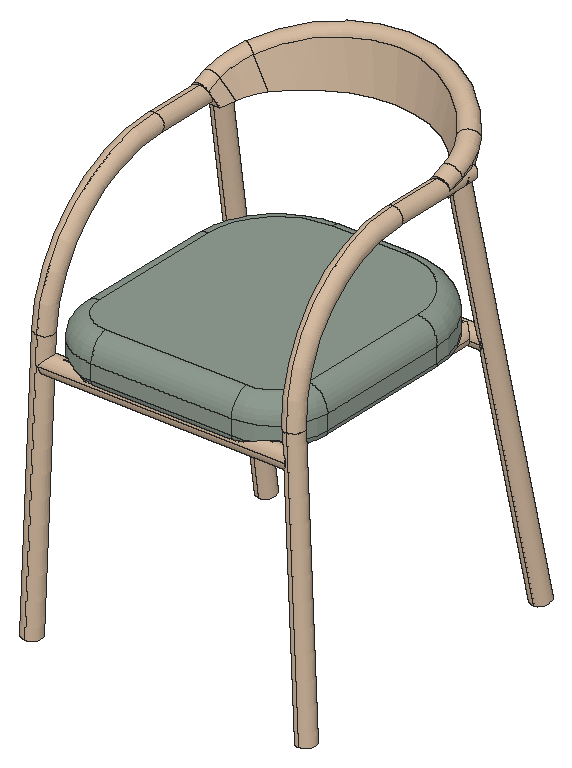
Revit family "FU_Chair_Sandler_Modena 2-1", category Furniture, Revit 2022
Family settings
  OmniClass Number = 23.40.20.00
  OmniClass Title = General Furniture and Specialties
  Work Plane-Based = No
  Always vertical = Yes
  Cut with Voids When Loaded = No
  Render Appearance Source = Family Geometry
  Shared = No
  Room Calculation Point = No
Parameters (values of type "Modena 2.1")
  Width = 470 mm
  URL = "https://www.sandlerseating.com/product/modena-2-1/"
  Seat [instance] = Fabric - Mainline Flax - Bayswater MLF24
  Model = "Modena 2.1"
  Manufacturer = "Sandler"
  Height = 740 mm
  Frame [instance] = Ash - Oak Stain
  Description = "Armchair with wooden frame and upholstered seat"
  Depth = 500 mm
  Default Elevation = 0 mm
Reference planes
  plane 1 "Center (Front/Back)": y = 0
  plane 2: z = 0
  plane 3 "Center (Left/Right)": x = 0
  plane 4 "Right": x = -235
  plane 5 "Left": x = 235
  plane 6 "Back": y = 250
  plane 7 "Front": y = -250
  plane 8 "Height": z = 740
  plane 9 "Seat Height": z = 470
  plane 10 "Arm height": z = 655
  plane 11 "Leg Right Front": through (-220.331, -1524, -0.019) normal (-0.999, 0, 0.0436)
  plane 12: through (4267.2, 235, 5) normal (0, -0.9809, -0.1945)
  plane 13 "back RIGHT": through (4267.2, 62.598, 655) normal (0, -0.3503, 0.9366)
  plane 14 "seat frame RIGHT": z = 400
Forms (mm)
  Sweep 1, solid, material "Ash - Oak Stain" <- "Frame"
    path origin (-219.911, 0, 9.602) x (-0.043619, 0, -0.999048) y (0, -1, 0)
      loop
        line (9.405, 235) -> (-436.011, 235)
        arc (-436.011, 235) -> (-584.504, 173.492) -> (-646.011, 25) r 210
        line (-646.011, 25) -> (-646.011, -125)
    profile origin (-210.606, -235, 222.702) x (0, 1, 0) y (-0.999048, 0, 0.043619)
      loop
        circle (0, 0) r 15
  Sweep 2, solid, material "Ash - Oak Stain" <- "Frame"
    path origin (-219.911, 0, 9.602) x (-0.043619, 0, -0.999048) y (0, -1, 0)
      loop
        line (9.464, -235.679) -> (-646.195, -105.563)
    profile origin (-206.024, 170.621, 327.664) x (0.008491, 0.980872, 0.19447) y (-0.999048, 0, 0.043619)
      loop
        circle (0, 0) r 15
  Sweep 3, solid, material "Ash - Oak Stain" <- "Frame"
    path origin (219.911, 0, 9.602) x (0.043619, 0, -0.999048) y (0, 1, 0)
      loop
        line (9.464, 235.679) -> (-646.195, 105.563)
    profile origin (206.024, 170.621, 327.664) x (0.008491, -0.980872, -0.19447) y (0.999048, 0, 0.043619)
      loop
        circle (0, 0) r 15
  Sweep 4, solid, material "Ash - Oak Stain" <- "Frame"
    path origin (0, -207.229, 554.084) x (0, -0.936636, -0.350305) y (1, 0, 0)
      loop
        line (-295.804, -191.878) -> (-320.527, -191.878)
        arc (-320.527, -191.878) -> (-350.832, -187.621) -> (-378.792, -175.18) r 110
        arc (-378.792, -175.18) -> (-475.928, 0) -> (-378.792, 175.18) r 206.531
        arc (-378.792, 175.18) -> (-350.832, 187.621) -> (-320.527, 191.878) r 110
        line (-320.527, 191.878) -> (-295.804, 191.878)
    profile origin (0, 238.542, 720.804) x (0, 0.936636, 0.350305) y (0, -0.350305, 0.936636)
      loop
        arc (14.05, -5.255) -> (5.981, 13.756) -> (-13.424, 6.692) r 15
        line (-13.424, 6.692) -> (-46.442, -69.239) -> (-18.65, -79.633) -> (14.05, -5.255)
  Extrusion 5, void
    sketch origin (0, 0, 0) x (0, 1, 0) y (0, 0, 1)
      loop
        line (0, 640.472) -> (0, 550.472) -> (295, 550.472) -> (295, 640.472) -> (0, 640.472)
    from -235 to 235
  Sweep 6, solid, material "Ash - Oak Stain" <- "Frame"
    path origin (219.911, 0, 9.602) x (0.043619, 0, -0.999048) y (0, 1, 0)
      loop
        line (9.405, -235) -> (-436.011, -235)
        arc (-436.011, -235) -> (-584.504, -173.492) -> (-646.011, -25) r 210
        line (-646.011, -25) -> (-646.011, 125)
    profile origin (210.606, -235, 222.702) x (0, -1, 0) y (0.999048, 0, 0.043619)
      loop
        circle (0, 0) r 15
  Extrusion 7, solid, material "Ash - Oak Stain" <- "Frame"
    sketch origin (0, 0, 0) x (0, 1, 0) y (0, 0, 1)
      loop
        circle (-235, 400) r 15
    from -198 to 198
  Extrusion 8, solid, material "Ash - Oak Stain" <- "Frame"
    sketch origin (0, 0, 0) x (0, 1, 0) y (0, 0, 1)
      loop
        circle (156.218, 400) r 15
    from -198 to 198
  Extrusion 9, solid, material "Ash - Oak Stain" <- "Frame"
    sketch origin (0, 0, 0) x (1, 0, 0) y (0, 0, 1)
      loop
        circle (-165, 400) r 15
      loop
        circle (165, 400) r 15
    from -154.736 to 235.805
  Extrusion 10, solid, material "Fabric - Mainline Flax - Bayswater MLF24" <- "Seat"
    sketch origin (0, 0, 400) x (0, -1, 0) y (1, 0, 0)
      loop
        line (220, -113) -> (220, 113)
        arc (220, 113) -> (203.891, 151.891) -> (165, 168) r 55
        line (165, 168) -> (-54.973, 168)
        arc (-54.973, 168) -> (-132.755, 135.782) -> (-164.973, 58) r 110
        line (-164.973, 58) -> (-164.973, -58)
        arc (-164.973, -58) -> (-132.755, -135.782) -> (-54.973, -168) r 110
        line (-54.973, -168) -> (165, -168)
        arc (165, -168) -> (203.891, -151.891) -> (220, -113) r 55
    from 0 to 70
  Sweep 11, solid, material "Fabric - Mainline Flax - Bayswater MLF24" <- "Seat"
    path in 3D
      loop
        arc (113, -220, 470) -> (151.891, -203.891, 470) -> (168, -165, 470) r 55
        line (168, -165, 470) -> (168, 54.973, 470)
        arc (168, 54.973, 470) -> (135.782, 132.755, 470) -> (58, 164.973, 470) r 110
        line (58, 164.973, 470) -> (-58, 164.973, 470)
        arc (-58, 164.973, 470) -> (-135.782, 132.755, 470) -> (-168, 54.973, 470) r 110
        line (-168, 54.973, 470) -> (-168, -165, 470)
        arc (-168, -165, 470) -> (-151.891, -203.891, 470) -> (-113, -220, 470) r 55
        line (-113, -220, 470) -> (113, -220, 470)
    profile origin (0, -220, 470) x (0, 1, 0) y (0, 0, 1)
      loop
        spline (0, 0) -> (-3.916, -0.299) -> (-7.765, -1.193) -> (-11.481, -2.664) -> (-15, -4.689) -> (-18.263, -7.233) -> (-21.213, -10.251) -> (-23.801, -13.693) -> (-25.981, -17.5) -> (-27.716, -21.606) -> (-28.978, -25.941) -> (-29.743, -30.432) -> (-30, -35)
        line (-30, -35) -> (-30, -60)
        arc (-30, -60) -> (-27.071, -67.071) -> (-20, -70) r 10
        line (-20, -70) -> (0, -70) -> (0, 0)
Cuts and joins
  Extrusion 5 cuts Sweep 4
  joined: Extrusion 10, Sweep 11
Lines and regions (mm)
  sketch lines
    curve 1: line (-113, -220, 470) -> (113, -220, 470)
    curve 2: arc (-113, -220, 470) -> (-151.891, -203.891, 470) -> (-168, -165, 470) r 55
    curve 3: line (-168, 54.973, 470) -> (-168, -165, 470)
    curve 4: arc (-168, 54.973, 470) -> (-135.782, 132.755, 470) -> (-58, 164.973, 470) r 110
    curve 5: line (58, 164.973, 470) -> (-58, 164.973, 470)
    curve 6: arc (58, 164.973, 470) -> (135.782, 132.755, 470) -> (168, 54.973, 470) r 110
    curve 7: line (168, -165, 470) -> (168, 54.973, 470)
    curve 8: arc (168, -165, 470) -> (151.891, -203.891, 470) -> (113, -220, 470) r 55
Dimensions and locks
  equal spacing: plane 6 "Back", plane 1 "Center (Front/Back)", plane 7 "Front"
  "Depth": plane 6 "Back" to plane 7 "Front"
  equal spacing: plane 4 "Right", plane 3 "Center (Left/Right)", plane 5 "Left"
  "Width": plane 4 "Right" to plane 5 "Left"
  "Height": plane 8 "Height" to level
  level to plane 10 "Arm height" to plane 8 "Height" = 655 mm, 85 mm
  aligned and locked: level to plane 2
Automatic sketch dimensions
  plane 1 "Center (Front/Back)" to Sweep 1 sketch curve = 25 mm
  Sweep 1 sketch curve to Sweep 1 sketch curve = 210 mm
  Sweep 1 sketch curve to Sweep 1 sketch curve = 445.416 mm
  Sweep 1 sketch curve to plane 1 "Center (Front/Back)" = 125 mm
  Sweep 1 sketch curve to plane 11 "Leg Right Front" = 0 mm
  profile plane to Sweep 1 sketch curve = 0 mm
  Sweep 2 sketch curve to plane 11 "Leg Right Front" = 0 mm
  profile plane to Sweep 2 sketch curve = 0 mm
  Sweep 3 sketch curve to profile plane = 0 mm  (x2)
  Sweep 4 sketch curve to plane 3 "Center (Left/Right)" = 0 mm
  plane 4 "Right" to Sweep 4 sketch curve = 43.122 mm
  Sweep 4 sketch curve to plane 5 "Left" = 43.122 mm
  Sweep 4 sketch curve to Sweep 4 sketch curve = 0 mm  (x2)
  Sweep 4 sketch curve to Sweep 4 sketch curve = 51.131 mm
  Sweep 4 sketch curve to plane 3 "Center (Left/Right)" = 81.878 mm
  plane 3 "Center (Left/Right)" to Sweep 4 sketch curve = 81.878 mm
  Sweep 4 sketch curve to Sweep 4 sketch curve = 24.723 mm  (x2)
  Sweep 4 sketch curve to plane 13 "back RIGHT" = 0 mm
  profile plane to Sweep 4 sketch curve = 0 mm
  plane 13 "back RIGHT" to Sweep 4 sketch curve = 6.692 mm
  profile plane to Sweep 4 sketch curve = 13.424 mm
  profile plane to Sweep 4 sketch curve = 18.65 mm
  Sweep 4 sketch curve to Sweep 4 sketch curve = 27.792 mm
  Sweep 4 sketch curve to plane 13 "back RIGHT" = 5.255 mm
  Sweep 4 sketch curve to plane 13 "back RIGHT" = 69.239 mm
  Sweep 4 sketch curve to Sweep 4 sketch curve = 10.394 mm
  Extrusion 5 sketch curve to plane 1 "Center (Front/Back)" = 0 mm
  plane 6 "Back" to Extrusion 5 sketch curve = 45 mm
  plane 9 "Seat Height" to Extrusion 5 sketch curve = 80.472 mm
  Extrusion 5 sketch curve to plane 10 "Arm height" = 14.528 mm
  plane 1 "Center (Front/Back)" to Sweep 6 sketch curve = 25 mm
  Sweep 6 sketch curve to Sweep 6 sketch curve = 210 mm
  Sweep 6 sketch curve to Sweep 6 sketch curve = 445.416 mm
  Sweep 6 sketch curve to plane 1 "Center (Front/Back)" = 125 mm
  Sweep 6 sketch curve to profile plane = 0 mm  (x2)
  Sweep 2 sketch curve to plane 1 "Center (Front/Back)" = 105.563 mm
  Sweep 2 sketch curve to plane 6 "Back" = 14.321 mm
  Sweep 2 sketch curve to Sweep 2 sketch curve = 655.659 mm
  Sweep 3 sketch curve to plane 1 "Center (Front/Back)" = 105.563 mm
  Sweep 3 sketch curve to plane 6 "Back" = 14.321 mm
  Sweep 3 sketch curve to Sweep 3 sketch curve = 655.659 mm
  Extrusion 7 sketch curve to plane 14 "seat frame RIGHT" = 0 mm
  plane 7 "Front" to Extrusion 7 sketch curve = 15 mm
  plane 12 to Extrusion 8 sketch curve = 0.46 mm
  Extrusion 8 sketch curve to plane 14 "seat frame RIGHT" = 0 mm
  Extrusion 9 sketch curve to plane 14 "seat frame RIGHT" = 0 mm  (x2)
  plane 4 "Right" to Extrusion 9 sketch curve = 70 mm
  Extrusion 9 sketch curve to plane 5 "Left" = 70 mm
  plane 7 "Front" to Extrusion 10 sketch curve = 30 mm
  Extrusion 10 sketch curve to plane 5 "Left" = 67 mm
  plane 7 "Front" to Extrusion 10 sketch curve = 85 mm  (x2)
  plane 4 "Right" to Extrusion 10 sketch curve = 67 mm
  Extrusion 10 sketch curve to plane 1 "Center (Front/Back)" = 54.973 mm  (x2)
  Extrusion 10 sketch curve to plane 6 "Back" = 85.027 mm
  Sweep 11 sketch curve to profile plane = 0 mm  (x2)
  Sweep 11 sketch curve to Sweep 11 sketch curve = 20 mm
  Sweep 11 sketch curve to Sweep 11 sketch curve = 10 mm
  Sweep 11 sketch curve to profile plane = 35 mm
  Sweep 11 sketch curve to Sweep 11 sketch curve = 25 mm
  radius of Sweep 1 sketch curve = 15 mm
  radius of Sweep 2 sketch curve = 15 mm
  radius of Sweep 3 sketch curve = 15 mm
  radius of Sweep 6 sketch curve = 15 mm
  radius of Extrusion 7 sketch curve = 15 mm
  radius of Extrusion 8 sketch curve = 15 mm
  radius of Extrusion 9 sketch curve = 15 mm  (x2)
